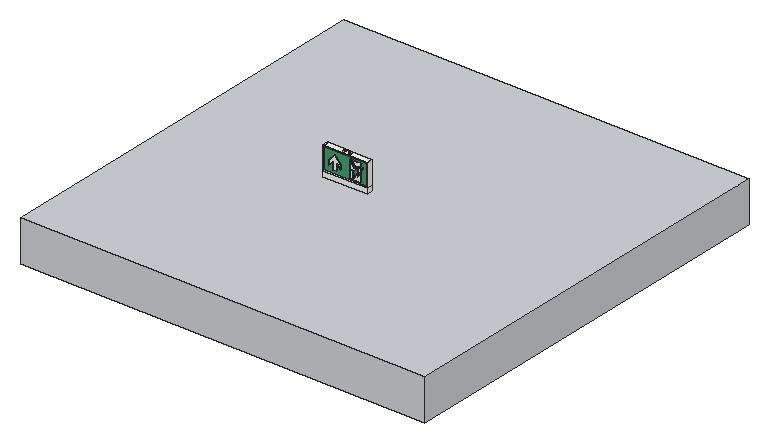
Revit family "Zumtobel CROSSIGN - AB", category Lighting Fixtures, host Face, Revit 2014 (continued)
Definition of nested family "Zumtobel CROSSIGN 110 Body"
  Forms (mm)
    Extrusion 13, solid, material "Zumtobel_Escape_Sign_Green_Self_Illumination", visible <- "Escape Sign RU"
      sketch origin (235.5, 0, -295.5) x (1, 0, 0) y (0, 0, 1)
        loop
          arc (-153.683, 425.788) -> (-147.37, 428.957) -> (-143.771, 435.035) r 12.54
          line (-143.771, 435.035) -> (-143.771, 436.963) -> (-153.683, 436.963) -> (-153.683, 449.785) -> (-147.709, 455.758) -> (-186.291, 455.758) -> (-191.812, 450.605)
          arc (-191.812, 450.605) -> (-193.919, 449.217) -> (-196.367, 448.605) r 7.52
          line (-196.367, 448.605) -> (-202.69, 448.605) -> (-195.22, 455.758) -> (-206.117, 455.758) -> (-212.09, 449.785) -> (-212.09, 409.431) -> (-200.92, 409.431)
          arc (-200.92, 409.431) -> (-198.702, 408.462) -> (-196.948, 406.795) r 6.989
          line (-196.948, 406.795) -> (-192.582, 400.896) -> (-187.194, 412.184) -> (-203.988, 446.599) -> (-196.948, 446.599)
          arc (-196.948, 446.599) -> (-195.104, 446.096) -> (-193.772, 444.726) r 3.628
          line (-193.772, 444.726) -> (-179.209, 416.707)
        loop
          line (-270.277, 390.579) -> (-257.289, 403.566) -> (-283.737, 430.014) -> (-252.173, 428.911) -> (-269.059, 445.797) -> (-314.08, 447.37) -> (-312.508, 402.348) -> (-295.622, 385.462) -> (-296.724, 417.026) -> (-270.277, 390.579)
        loop
          circle (-190.88, 381.571) r 6.986
        loop
          line (-124.5, 356.1) -> (-124.5, 466.1) -> (-346.5, 466.1) -> (-346.5, 356.1) -> (-124.5, 356.1)
      from -23 to 23
    Extrusion 14, solid, material "Zumtobel_Escape_Sign_White_Self_Illumination", visible <- "Escape Sign RU"
      sketch origin (698.645, 0, -284.385) x (1, 0, 0) y (0, 0, 1)
        loop
          line (-642.355, 405.591) -> (-640.86, 420.183)
          arc (-640.86, 420.183) -> (-639.766, 422.826) -> (-637.124, 423.92) r 3.737
          line (-637.124, 423.92) -> (-608.805, 423.92)
          arc (-608.805, 423.92) -> (-612.675, 418.406) -> (-619.07, 416.29) r 10.721
          line (-619.07, 416.29) -> (-631.578, 416.29)
          arc (-631.578, 416.29) -> (-632.746, 415.806) -> (-633.23, 414.638) r 1.652
          line (-633.23, 414.638) -> (-633.938, 403.704)
          arc (-633.938, 403.704) -> (-634.477, 399.904) -> (-635.59, 396.231) r 25.126
          line (-635.59, 396.231) -> (-641.135, 385.021) -> (-634.174, 385.021)
          arc (-634.174, 385.021) -> (-633.589, 385.294) -> (-633.151, 385.768) r 1.668
          line (-633.151, 385.768) -> (-627.658, 394.724)
          arc (-627.658, 394.724) -> (-623.174, 395.799) -> (-622.099, 391.314) r 3.261
          line (-622.099, 391.314) -> (-627.684, 382.032)
          arc (-627.684, 382.032) -> (-630.495, 379.463) -> (-634.252, 378.846) r 6.686
          line (-634.252, 378.846) -> (-652.188, 378.846)
          arc (-652.188, 378.846) -> (-656.298, 380.397) -> (-659.544, 383.358) r 11.672
          line (-659.544, 383.358) -> (-665.639, 391.511) -> (-675.236, 391.511) -> (-675.236, 355.05) -> (-616.828, 355.05) -> (-616.828, 414.672)
          arc (-616.828, 414.672) -> (-610.515, 417.841) -> (-606.917, 423.92) r 12.54
          line (-606.917, 423.92) -> (-606.917, 425.847) -> (-616.828, 425.847) -> (-616.828, 438.669) -> (-610.855, 444.643) -> (-649.437, 444.643) -> (-654.957, 439.49)
          arc (-654.957, 439.49) -> (-657.065, 438.102) -> (-659.513, 437.489) r 7.52
          line (-659.513, 437.489) -> (-665.836, 437.489) -> (-658.366, 444.643) -> (-669.262, 444.643) -> (-675.236, 438.669) -> (-675.236, 398.315) -> (-664.066, 398.315)
          arc (-664.066, 398.315) -> (-661.848, 397.347) -> (-660.093, 395.68) r 6.989
          line (-660.093, 395.68) -> (-655.727, 389.78) -> (-650.339, 401.068) -> (-667.134, 435.484) -> (-660.093, 435.484)
          arc (-660.093, 435.484) -> (-658.25, 434.98) -> (-656.918, 433.61) r 3.628
          line (-656.918, 433.61) -> (-642.355, 405.591)
        loop
          circle (-654.025, 370.455) r 6.986
        loop
          line (-720.435, 392.451) -> (-746.882, 418.898) -> (-715.318, 417.796) -> (-732.204, 434.682) -> (-777.226, 436.254) -> (-775.654, 391.233) -> (-758.767, 374.347) -> (-759.87, 405.911) -> (-733.422, 379.463) -> (-720.435, 392.451)
      from -23 to 23
  Dimensions and locks
    plane 5 to plane 4 = 120 mm
    plane 7 to plane 3 "Center (Left/Right)" to plane 6 = 116 mm, 116 mm
    aligned and locked: level to plane 2
Types (10, lengths in mm): name | Width | Wattage | URL | Photometric Web File | built-in parameter 1150105 | Lumens | built-in parameter 1150106 | Height | Escape Top Left & Right | Escape Left & Right | Escape Top | Escape Bottom Left & Right | Escape Bottom | Depth | Model | Crossign 160 | Crosign 110 | Apparent Load
  CROSSIGN 160 AB + RZ-U | 332 | 0.397194 W | "http://www.zumtobel.com/42180793" | "42180768+22168595_(STD-LEO).IES" | 4.6951 (stored number, unit not read) | 59 lm | 0.046951 (stored number, unit not read) | 209.6 | no | no | no | no | yes | 44 | "42180793 + 22168597" | yes | no | 5.8 VA
  CROSSIGN 160 AB + RZ-LRU | 332 | 0.397194 W | "http://www.zumtobel.com/42180793" | "42180793+22168595_(STD).IES" | 4.6951 (stored number, unit not read) | 59 lm | 0.046951 (stored number, unit not read) | 209.6 | no | no | no | yes | no | 44 | "42180793 + 22900370" | yes | no | 3.8 VA
  CROSSIGN 160 AB + RZ-LRO | 332 | 0.397194 W | "http://www.zumtobel.com/42180793" | "42180793+22168595_(STD).IES" | 4.6951 (stored number, unit not read) | 59 lm | 0.046951 (stored number, unit not read) | 209.6 | yes | no | no | no | no | 44 | "42180793 + 22900369" | yes | no | 3.8 VA
  CROSSIGN 110 AB + RZ-LRU | 232 | 0.329873 W | "http://www.zumtobel.com/42180803" | "42180803+22168605_(STD).IES" | 3.8993 (stored number, unit not read) | 49 lm | 0.038993 (stored number, unit not read) | 175.6 | no | no | no | yes | no | 46 | "42180803 + 22900360" | no | yes | 4.5 VA
  CROSSIGN 110 AB + RZ-LRO | 232 | 0.329873 W | "http://www.zumtobel.com/42180803" | "42180803+22168605_(STD).IES" | 3.8993 (stored number, unit not read) | 49 lm | 0.038993 (stored number, unit not read) | 175.6 | yes | no | no | no | no | 46 | "42180803 + 22900359" | no | yes | 4.5 VA
  CROSSIGN 110 AB + RZ-U | 232 | 0.329873 W | "http://www.zumtobel.com/42180803" | "42180803+22168605_(STD).IES" | 3.8993 (stored number, unit not read) | 49 lm | 0.038993 (stored number, unit not read) | 175.6 | no | no | no | no | yes | 46 | "42180803 + 22168607" | no | yes | 4.5 VA
  CROSSIGN 110 AB + RZ-LR | 232 | 0.329873 W | "http://www.zumtobel.com/42180803" | "42180803+22168605_(STD).IES" | 3.8993 (stored number, unit not read) | 49 lm | 0.038993 (stored number, unit not read) | 175.6 | no | yes | no | no | no | 46 | "42180803 + 22168608" | no | yes | 4.5 VA
  CROSSIGN 110 AB + RZ-O | 232 | 0.329873 W | "http://www.zumtobel.com/42180803" | "42180803+22168605_(STD).IES" | 3.8993 (stored number, unit not read) | 49 lm | 0.038993 (stored number, unit not read) | 175.6 | no | no | yes | no | no | 46 | "42180803 + 22900361" | no | yes | 4.5 VA
  CROSSIGN 160 AB + RZ-LR | 332 | 0.397194 W | "http://www.zumtobel.com/42180793" | "42180793+22168595_(STD).IES" | 4.6951 (stored number, unit not read) | 59 lm | 0.046951 (stored number, unit not read) | 209.6 | no | yes | no | no | no | 44 | "42180793 + 22168598" | yes | no | 3.8 VA
  CROSSIGN 160 AB + RZ-O | 332 | 0.397194 W | "http://www.zumtobel.com/42180793" | "42180768+22168595_(STD-LEO).IES" | 4.6951 (stored number, unit not read) | 59 lm | 0.046951 (stored number, unit not read) | 209.6 | no | no | yes | no | no | 44 | "42180793 + 22900364" | yes | no | 5.8 VA
